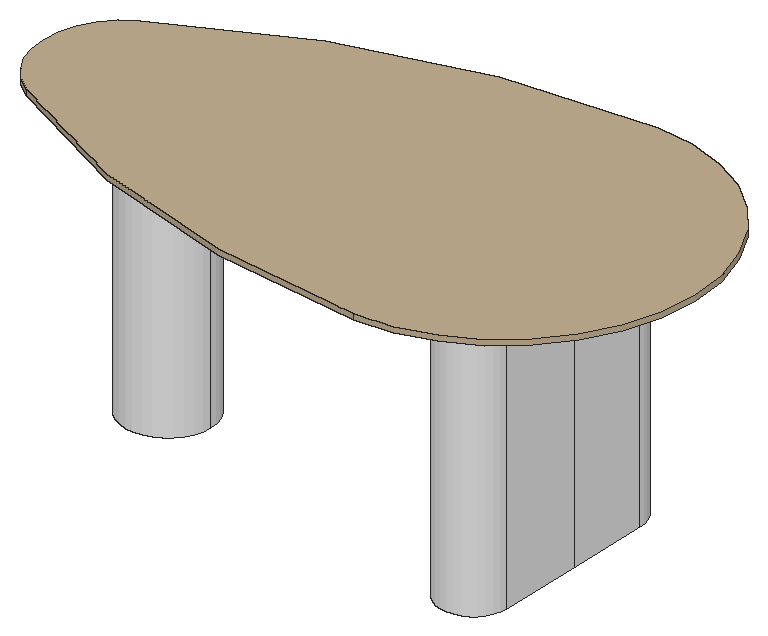
Revit family "Avocado table revit - Mesa palta,aguacate revit bimshares.com", category Mobiliario, Revit 2018
Family settings
  Número OmniClass = 23.40.20.00
  Título OmniClass = General Furniture and Specialties
  Se basa en plano de trabajo = Sí
  Siempre vertical = Sí
  Corte con vacíos al cargar = No
  Compartido = No
  Punto de cálculo de habitación = No
Parameters
  Wood material = Wood - Madera 254 Horitonztal
  Trickness wood - Espesor madera = 15 mm
  Support material- Soporte material = 1fewfwef4 - Wood white melamine
  Height - Altura = 800 mm
  Default Elevation = 1219.2 mm
Reference planes
  plane 1 "Centro (Frontal/Posterior)": y = 0
  plane 2: z = 0
  plane 3 "Centro (Izquierda/Derecha)": x = 0
  plane 4: z = 800
  plane 5: x = -1210.461
  plane 6: x = 609.539
Forms (mm)
  Extrusion 1, solid, material "1fewfwef4 - Wood white melamine" <- "Support material- Soporte material"
    sketch origin (0, 0, 0) x (1, 0, 0) y (0, 1, 0)
      loop
        circle (-856.877, 0) r 120
      loop
        line (79.116, 239.745) -> (79.116, 7.708) -> (79.116, -224.328)
        arc (79.116, -224.328) -> (171.616, -316.828) -> (264.116, -224.328) r 92.5
        line (264.116, -224.328) -> (264.116, 7.708) -> (264.116, 239.745)
        arc (264.116, 239.745) -> (171.616, 332.245) -> (79.116, 239.745) r 92.5
      loop
        circle (-856.877, 0) r 108
      loop
        line (91.116, 239.745) -> (91.116, 7.708) -> (91.116, -224.328)
        arc (91.116, -224.328) -> (171.616, -304.828) -> (252.116, -224.328) r 80.5
        line (252.116, -224.328) -> (252.116, 7.708) -> (252.116, 239.745)
        arc (252.116, 239.745) -> (171.616, 320.245) -> (91.116, 239.745) r 80.5
    from 0 to 785
  Extrusion 2, solid, material "Wood - Madera 254 Horitonztal" <- "Wood material"
    sketch origin (0, 0, 0) x (1, 0, 0) y (0, 1, 0)
      loop
        arc (78.681, -522.347) -> (605.711, 4.683) -> (78.681, 531.712) r 527.03
        arc (78.681, 531.712) -> (-531.813, 447.411) -> (-1096.614, 200.817) r 2252.691
        arc (-1096.614, 200.817) -> (-1206.57, 4.683) -> (-1096.614, -191.452) r 229.905
        arc (-1096.614, -191.452) -> (-531.813, -438.046) -> (78.681, -522.347) r 2252.691
    from 785 to 800
Dimensions and locks
  plane 5 to plane 6 = 1820 mm
  "Height - Altura": plane 4 to level
  "Trickness wood - Espesor madera": plane 4 to Extrusion 2
  aligned and locked: level to plane 2
  aligned and locked: Extrusion 1 to Extrusion 2
  aligned and locked: plane 4 to Extrusion 2
Automatic sketch dimensions
  Extrusion 1 sketch curve to Extrusion 1 sketch curve = 0 mm  (x6)
  plane 1 "Centro (Frontal/Posterior)" to Extrusion 1 sketch curve = 0 mm
  Extrusion 1 sketch curve to plane 5 = 353.584 mm
  plane 3 "Centro (Izquierda/Derecha)" to Extrusion 1 sketch curve = 79.116 mm
  Extrusion 1 sketch curve to Extrusion 1 sketch curve = 12 mm
  Extrusion 1 sketch curve to Extrusion 1 sketch curve = 80.5 mm
  plane 1 "Centro (Frontal/Posterior)" to Extrusion 1 sketch curve = 224.328 mm
  Extrusion 1 sketch curve to plane 1 "Centro (Frontal/Posterior)" = 7.708 mm  (x4)
  Extrusion 1 sketch curve to plane 1 "Centro (Frontal/Posterior)" = 239.745 mm
  Extrusion 2 sketch curve to plane 1 "Centro (Frontal/Posterior)" = 4.683 mm  (x2)
  Extrusion 2 sketch curve to plane 5 = 233.796 mm
  plane 3 "Centro (Izquierda/Derecha)" to Extrusion 2 sketch curve = 78.681 mm
  plane 1 "Centro (Frontal/Posterior)" to Extrusion 2 sketch curve = 1720.979 mm
  Extrusion 2 sketch curve to Extrusion 2 sketch curve = 1725.661 mm
  Extrusion 2 sketch curve to plane 5 = 113.848 mm
  Extrusion 2 sketch curve to Extrusion 2 sketch curve = 0 mm  (x3)
  radius of Extrusion 1 sketch curve = 120 mm
  radius of Extrusion 1 sketch curve = 108 mm
